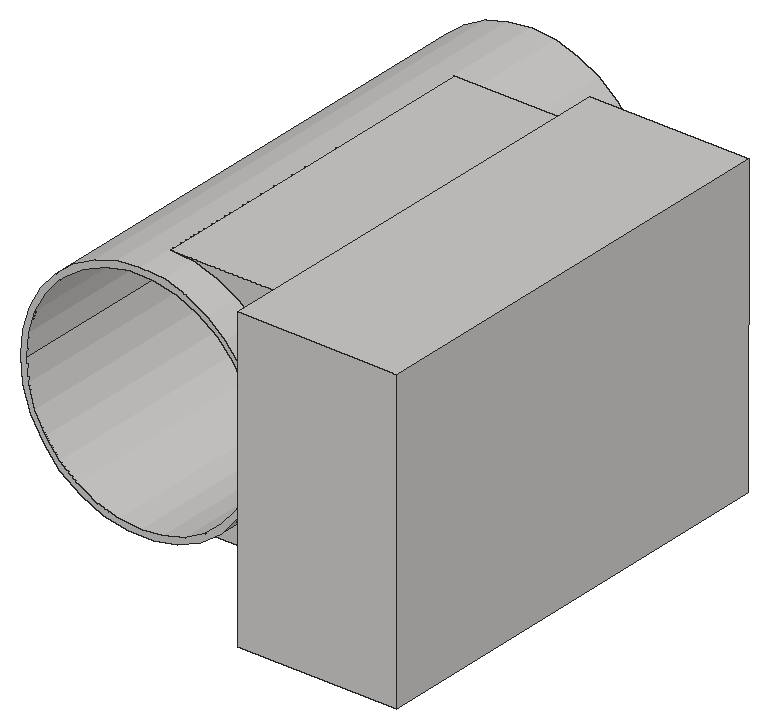
Revit family
Parameters
  Unit Weight = "21.0 lbs"
  URL = "http://www.titus-hvac.com/"
  Static Pressure [instance] = 0.00 in-wg
  Nominal Width = 1' - 5"
  Nominal Length = 1' - 10"
  Nominal Inlet Size = 0' - 10"
  Nominal Inlet Length = 1' - 8"
  Nominal Height = 0' - 0"
  Model = "DECV"
  Min. Air Flow = 0 CFM
  Max. Air Flow = 1400 CFM
  Material = Steel
  Manufacturer = "Titus"
  Inlet Radius = 0' - 4 15/16"
  Inlet Opening Radius = 0' - 4 11/16"
  Inlet Offset = 0' - 4"
  Inlet Extrusion Radius = 0' - 4 15/16"
  Inlet Diameter = 0' - 9 7/8"
  Inlet = Duct D / 2  # 0' - 4 15/16"
  Duct D = 0' - 9 7/8"
  Design Air Flow [instance] = 0 CFM
  Description = "Digital Control Terminal Unit, Retrofit, Variable Volume"
  Control Box Offset = 0' - 5 9/16"
  CADworks URL = "www.CADworks.net"
  Assembly Code = "D3040100"
Reference planes (in)
  plane 1 "Center (Front/Back)": y = 0
  plane 2: z = 0
  plane 3 "Center (Left/Right)": x = 0
  plane 4: y = 6
  plane 5: y = 10
  plane 6: y = -10
  plane 7: x = 5.5625
  plane 8: y = -12
  plane 9: z = 6.125
  plane 10: z = -6.125
  plane 11: x = 12.0625
  plane 12: x = -4.9375
Forms (in)
  Extrusion 1, solid, material "Steel" <- "Material"
    sketch origin (0, -8.5, 0) x (1, 0, 0) y (0, 0, 1)
      loop
        circle (0, 0) r 4.9375
    from -18.5 to 1.5
  Extrusion 2, solid, material "Steel" <- "Material"
    sketch origin (4.29125, 6, 3.56775) x (1, 0, 0) y (0, 0, 1)
      loop
        line (1.27125, 2.55725) -> (1.27125, -9.69275) -> (7.77125, -9.69275) -> (7.77125, 2.55725) -> (1.27125, 2.55725)
    from 0 to 18
  Extrusion 3, solid, material "Steel" <- "Material"
    sketch origin (0, 10, 0) x (-1, 0, 0) y (0, 0, -1)
      loop
        line (-5.5625, 4.9375) -> (-5.5625, -4.9375) -> (0, -4.9375)
        arc (0, -4.9375) -> (-4.9375, 0) -> (0, 4.9375) r 4.9375
        line (0, 4.9375) -> (-5.5625, 4.9375)
    from 4 to 18.5
  Extrusion 4, void
    sketch origin (0, -10, 0) x (1, 0, 0) y (0, 0, -1)
      loop
        circle (0, 0) r 4.6875
    from 0 to 24
Cuts and joins
  Extrusion 4 cuts Extrusion 1
  Extrusion 4 cuts Extrusion 3
Dimensions and locks (in)
  "Inlet Offset": plane 5 to plane 4
  locked: cut or joined group of Extrusion 1, Extrusion 4 to plane 5 at 0
  "Nominal Inlet Length": cut or joined group of Extrusion 1, Extrusion 4 to cut or joined group of Extrusion 1, Extrusion 4
  equal spacing: cut or joined group of Extrusion 1, Extrusion 4, plane 1 "Center (Front/Back)", cut or joined group of Extrusion 1, Extrusion 4
  "Nominal Inlet Length": plane 6 to plane 5
  equal spacing: plane 6, plane 1 "Center (Front/Back)", plane 5
  locked: Extrusion 2 to Extrusion 2 at 18
  locked: Extrusion 2 sketch curve to Extrusion 2 sketch curve at 6.5
  locked: Extrusion 2 sketch curve to Extrusion 2 sketch curve at 12.25
  Extrusion 2 sketch curve to Extrusion 2 sketch curve = 1' - 0 1/4"
  "Inlet Diameter": Extrusion 3 sketch curve to Extrusion 3 sketch curve
  locked: Extrusion 1 sketch curve to level at 0
  locked: Extrusion 1 sketch curve to plane 3 "Center (Left/Right)" at 0
  "Control Box Offset": plane 7 to plane 3 "Center (Left/Right)"
  "Control Box Offset": plane 3 "Center (Left/Right)" to plane 7
  locked: plane 6 to cut or joined group of Extrusion 3, Extrusion 4 at 1.5
  locked: cut or joined group of Extrusion 3, Extrusion 4 to plane 4 at 0
  equal spacing: cut or joined group of Extrusion 3, Extrusion 4, level, cut or joined group of Extrusion 3, Extrusion 4
  "Inlet Radius": radius of Extrusion 1 sketch curve
  "Inlet Extrusion Radius": radius of Extrusion 3 sketch curve
  "Inlet Opening Radius": radius of Extrusion 4 sketch curve
  aligned and locked: plane 9 to Extrusion 2
  aligned and locked: plane 10 to Extrusion 2
  aligned and locked: plane 3 "Center (Left/Right)" to Extrusion 3 sketch curve
  aligned and locked: plane 3 "Center (Left/Right)" to connector elem
  aligned and locked: connector elem to plane 3 "Center (Left/Right)"
  aligned and locked: plane 3 "Center (Left/Right)" to cut or joined group of Extrusion 3, Extrusion 4  (x3)
  aligned and locked: Extrusion 2 to plane 7
  aligned and locked: plane 7 to cut or joined group of Extrusion 3, Extrusion 4
  aligned and locked: cut or joined group of Extrusion 3, Extrusion 4 to Extrusion 2
Automatic sketch dimensions
  plane 7 to Extrusion 2 sketch curve = 0' - 0"
  Extrusion 2 sketch curve to level = 0' - 6 1/8"
  Extrusion 3 sketch curve to plane 7 = 0' - 0"
  Extrusion 3 sketch curve to level = 0' - 0"
Connectors (in)
  hvac at (0, -10, 0), driven by "Design Air Flow", driven by "Inlet", driven by "Static Pressure"
    settings: on cut or joined group of Extrusion 1, Extrusion 4, index 1
  hvac at (0, 10, 0), driven by "Static Pressure", driven by "Design Air Flow", driven by "Inlet"
    settings: on cut or joined group of Extrusion 1, Extrusion 4, index 2
